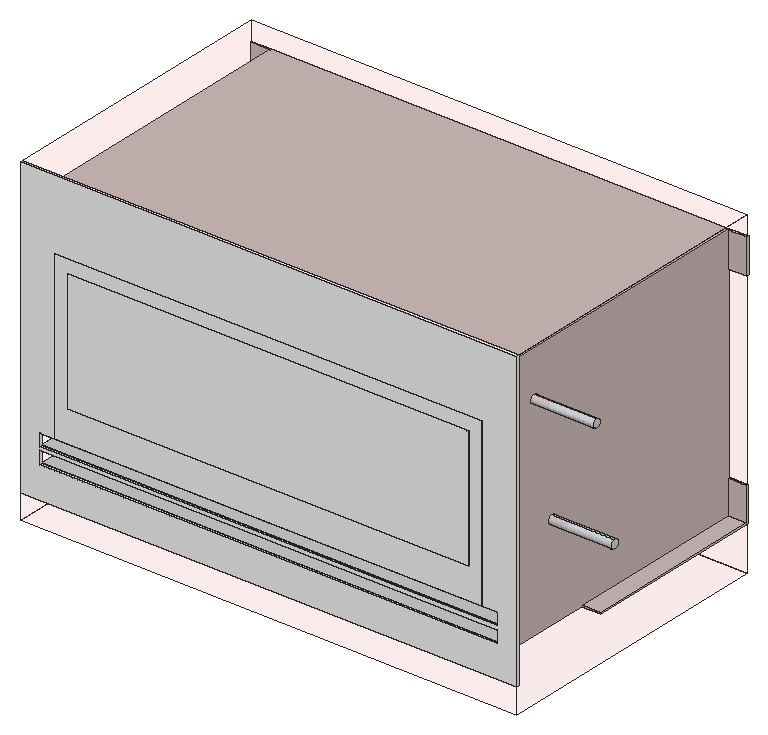
Revit family "Air-Curtain_Customer-Entry_PoweredAire_CLD-CHD-HWST", category Mechanical Equipment, host Face, Revit 2016
Family settings
  Host = Face
  Part Type = Normal
  Round Connector Dimension = Use Diameter
  OmniClass Number = 23.75.35.17.21
  OmniClass Title = Air Curtains
  Cut with Voids When Loaded = No
  Shared = No
  Room Calculation Point = No
Parameters
  upperpiperotation [instance] = if(Upper Pipe Connection Side A, 0.00°, 180.00°)  # 0.00°
  lowerpiperotation [instance] = if(Lower Pipe Connection Side A, 0.00°, 180.00°)  # 0.00°
  locateupperpipe [instance] = if(Upper Pipe Connection Side A, 0' 0", Nozzle Width)  # 0' - 0"
  locatelowerpipe [instance] = if(Lower Pipe Connection Side A, 0' 0", Nozzle Width)  # 0' - 0"
  Warranty Duration (Years) = 0
  Upper Pipe Connection Side A [instance] = yes
  Unit Width Notes = "Other Widths available."  # constant formula
  Unit Width = 3' - 3"
  Unit Weight = 0
  Unit Height = 1' - 10 3/4"
  Unit Depth = 1' - 11 1/4"
  URL = "http://www.poweredaire.com/"
  Test Data = ""
  Standards Conformance = "as Specified"
  Specification = "http://www.arcat.com/sdspecs/htm04/23_34_33pai.htm"
  SpecWizard = ""
  Sound Pressure = "as Specified"
  Sales Information = "http://www.poweredaire.com/contact_us"
  Revision = "R1_2016-08"
  Projection from Host [instance] = 0' - 2"
  Product Properties = ""
  Product Data = "http://www.arcat.com/arcatcos/cos47/arc47623.html"
  Power Rating = 0 W
  Piping_Water Flow [instance] = 0 GPM
  Piping_Operating Pressure [instance] = 0.00 psi
  Piping_Exit Temperature [instance] = 0 °F
  Piping_Entry Temperature [instance] = 0 °F
  Pipe OD [instance] = 5/8"
  Nozzle Width = if(1 = 1, Unit Width - 0' 3", 0' 0")  # 3' - 0"
  Mounting Width = if(1 = 1, Unit Width - 0' 1 1/2", 0' 0")  # 3' - 1 1/2"
  Mounting Height [instance] = 3' - 6"
  Motor RPM = 0
  Motor HP = 0
  Motor Count = 0
  Model = "As Specified"
  Max Height = 0' - 0"
  Manufacturer Website = "http://www.poweredaire.com/"
  Manufacturer Phone - Toll Free = "888-321-2473"
  Manufacturer Phone = "724-588-3305"
  Manufacturer Fax = "724-588-3371"
  Manufacturer Address = "109 Mortensen Rd.  Greenville, PA 16125"
  Manufacturer = "Powered Aire, Inc"
  Maintenance Schedule (Months) = 0
  Lower Pipe Connection Side A [instance] = yes
  Keynote = "23 34 33"
  Installation-Fabrication = ""
  Installation Phase = ""
  Include Clearance [instance] = yes
  Heating Element Load = 0 W
  HVAC_Temperature Rise = 0 °F
  HVAC_Outlet Volume = 0 CFM
  HVAC_Outlet Velocity Uniformity = 0
  HVAC_Outlet Velocity = 0 FPM
  HVAC_BTU Input = 0.0 Btu/h
  Green Building-LEED = "http://www.arcat.com/green/clients/leed_data_47623.html"
  Front Grating Material [instance] = Metal - Steel - PoweredAire - White Perforated
  Frame Finish [instance] = Metal - Steel - PoweredAire - Stainless 304
  Expected Lifespan (Years) = 0
  Electrical_Wattage [instance] = Power Rating + Heating Element Load  # 0 W
  Electrical_Voltage [instance] = 0 V
  Electrical_Phase [instance] = 1
  Electrical_Frequency [instance] = 0 Hz
  Electrical_Amperage [instance] = 0 A
  Drawn By = "Sumex Design, Inc. / Robert S. Weygant, CSI, CDT, SCIP"
  Description = "Powered Aire Air Curtain as Specified"
  Default Elevation = 0' - 0"  # constant formula
  Cover Finish [instance] = Metal - Steel - PoweredAire - White
  Copyright = "©Arcat Inc."
  Construction Details = "http://www.arcat.com/details/powair/prod3336.html"
  Clearance_Top [instance] = 0' - 0"
  Clearance_Side B [instance] = 0' - 0"
  Clearance_Side A [instance] = 0' - 0"
  Clearance_Intake [instance] = 0' - 0"
  Clearance_Front [instance] = 0' - 0"
  Clearance Material [instance] = ARCAT Clearance
  Building Codes = ""
  Available Options [instance] = "as Specified"
  Assembly Code = "D3090400"
Reference planes (in)
  plane 1 "Center (Elevation)": y = 11.51318
  plane 2: z = 0
  plane 3 "Center (Left/Right)": x = 0
  plane 4: y = 22.88818
  plane 5: y = 0.13818
  plane 6: x = -19.5
  plane 7: x = 19.5
  plane 8: z = 25.25
  plane 9 "FF": y = -41.86182
  plane 10: z = 2
  plane 11: x = 18
  plane 12: x = -18
  plane 13: y = 22.88818
  plane 14: y = 0.13818
  plane 15: x = -19.5
  plane 16: x = 19.5
  plane 17: z = 25.25
  plane 18: y = 0.38818
  plane 19: x = 18
  plane 20: x = 18
  plane 21: z = 20.25
  plane 22: z = 11
Forms (in)
  Extrusion 1, solid, material "ARCAT Clearance" <- "Clearance Material", visible <- "Include Clearance"
    sketch origin (0, 0, 0) x (0, 1, 0) y (0, 0, 1)
      loop
        line (0.13818, 25.25) -> (0.13818, 0) -> (22.88818, 0) -> (22.88818, 25.25) -> (0.13818, 25.25)
    from -19.5 to 19.5
  Extrusion 2, solid, material "Metal - Steel - PoweredAire - White" <- "Cover Finish"
    sketch origin (0, 11.51318, 0) x (1, 0, 0) y (0, 0, 1)
      loop
        line (-19.5, 25.25) -> (-19.5, 2) -> (19.5, 2) -> (19.5, 25.25) -> (-19.5, 25.25)
    from 11.125 to 11.375
  Extrusion 3, solid, material "Metal - Steel - PoweredAire - Stainless 304" <- "Frame Finish"
    sketch origin (0, 11.51318, 0) x (1, 0, 0) y (0, 0, 1)
      loop
        line (18, 23.75) -> (-18, 23.75) -> (-18, 3.5) -> (18, 3.5) -> (18, 23.75)
    from -11.375 to 11.125
  Extrusion 4, void
    sketch origin (0, 0, 0) x (0, 1, 0) y (0, 0, 1)
      loop
        line (0.13818, 5.5) -> (0.13818, 4.5) -> (1.88818, 4.5) -> (1.88818, 6.75) -> (0.13818, 6.75) -> (0.13818, 5.75) -> (1.63818, 5.75) -> (1.63818, 5.5) -> (0.13818, 5.5)
    from -18 to 18
  Extrusion 5, solid, material "Metal - Steel - PoweredAire - White" <- "Cover Finish"
    sketch origin (-11.83813, 0.13818, 48) x (-1, 0, 0) y (0, 0, 1)
      loop
        line (4.91187, -41.25) -> (4.91187, -28.25) -> (-28.58813, -28.25) -> (-28.58813, -41.25) -> (4.91187, -41.25)
    from 0 to -0.03125
  Extrusion 6, solid, material "Metal - Steel - PoweredAire - White Perforated" <- "Front Grating Material"
    sketch origin (-11.83813, 0.10693, 48) x (1, 0, 0) y (0, 0, 1)
      loop
        line (-3.91187, -29.25) -> (-3.91187, -38.75) -> (27.58813, -38.75) -> (27.58813, -29.25) -> (-3.91187, -29.25)
    from 0 to 0.03125
  Extrusion 7, solid, material "Metal - Steel - PoweredAire - Stainless 304" <- "Frame Finish"
    sketch origin (-15.17702, -180, 2) x (-1, 0, 0) y (0, -1, 0)
      loop
        line (-33.17702, -202.88818) -> (-33.17702, -188.38818) -> (-34.67702, -188.38818) -> (-34.67702, -202.88818) -> (-33.17702, -202.88818)
      loop
        line (2.82298, -202.88818) -> (4.32298, -202.88818) -> (4.32298, -188.38818) -> (2.82298, -188.38818) -> (2.82298, -202.88818)
    from 1.5 to 1.625
  Extrusion 8, solid, material "Metal - Steel - PoweredAire - Stainless 304" <- "Frame Finish"
    sketch origin (-11.83813, 22.88818, 48) x (-1, 0, 0) y (0, 0, 1)
      loop
        line (7.66187, -44.5) -> (7.66187, -41.75) -> (6.16187, -41.75) -> (6.16187, -44.5) -> (7.66187, -44.5)
      loop
        line (-31.33813, -44.5) -> (-29.83813, -44.5) -> (-29.83813, -41.75) -> (-31.33813, -41.75) -> (-31.33813, -44.5)
      loop
        line (7.66187, -27) -> (7.66187, -24.25) -> (6.16187, -24.25) -> (6.16187, -27) -> (7.66187, -27)
      loop
        line (-31.33813, -27) -> (-29.83813, -27) -> (-29.83813, -24.25) -> (-31.33813, -24.25) -> (-31.33813, -27)
    from 0 to -0.125
  Sweep 9, solid
    path origin (18, 11.51318, 20.25) x (1, 0, 0) y (0, 0, 1)
      loop
        line (0, 0) -> (5, 0)
    profile origin (20.5, 11.51318, 20.25) x (0, 0, 1) y (0, -1, 0)
      loop
        circle (0, 7.875) r 0.3125
  Sweep 10, solid
    path origin (18, 11.51318, 11) x (1, 0, 0) y (0, 0, 1)
      loop
        line (0, 0) -> (5, 0)
    profile origin (20.5, 11.51318, 11) x (0, 0, 1) y (0, -1, 0)
      loop
        circle (0, 6.125) r 0.3125
Cuts and joins
  Extrusion 4 cuts Extrusion 1
  Extrusion 4 cuts Extrusion 2
  Extrusion 4 cuts Extrusion 3
Lines and regions (in)
  reference lines
    curve 1: line (18, 11.51318, 20.25) -> (25.75, 11.51318, 20.25)
    curve 2: line (18, 11.51318, 11) -> (26.25, 11.51318, 11)
Dimensions and locks (in)
  equal spacing: plane 4, plane 1 "Center (Elevation)", plane 5
  "Unit Height": plane 4 to plane 5
  equal spacing: plane 6, plane 3 "Center (Left/Right)", plane 7
  "Unit Width": plane 6 to plane 7
  "Mounting Height": plane 5 to plane 9 "FF"
  "Projection from Host": plane 10 to level
  "Unit Depth": plane 8 to plane 10
  locked: plane 6 to plane 12 at 1.5
  locked: plane 11 to plane 7 at 1.5
  "Clearance_Side A": plane 7 to plane 16
  "Clearance_Side B": plane 15 to plane 6
  "Clearance_Top": plane 13 to plane 4
  "Clearance_Intake": plane 5 to plane 14
  "Clearance_Front": plane 17 to plane 8
  locked: plane 8 to Extrusion 3 sketch curve at 1.5
  locked: Extrusion 3 sketch curve to plane 10 at 1.5
  locked: plane 7 to Extrusion 3 sketch curve at 1.5
  locked: Extrusion 3 sketch curve to plane 6 at 1.5
  locked: plane 18 to plane 5 at 0.25
  Extrusion 4 sketch curve to Extrusion 4 sketch curve to Extrusion 4 sketch curve to Extrusion 4 sketch curve to plane 10 = 0' - 1" locked, 0' - 0 1/4" locked, 0' - 1" locked, 0' - 2 1/2" locked
  Extrusion 5 sketch curve to Extrusion 5 sketch curve to plane 10 = 1' - 1" locked, 0' - 4 3/4" locked
  locked: plane 11 to Extrusion 5 sketch curve at 1.25
  locked: Extrusion 5 sketch curve to plane 12 at 1.25
  Extrusion 6 sketch curve to Extrusion 6 sketch curve to plane 10 = 0' - 9 1/2" locked, 0' - 7 1/4" locked
  locked: Extrusion 6 sketch curve to plane 12 at 2.25
  locked: plane 11 to Extrusion 6 sketch curve at 2.25
  locked: plane 4 to Extrusion 7 sketch curve at 14.5  (x2)
  Extrusion 8 sketch curve to Extrusion 8 sketch curve to Extrusion 8 sketch curve to Extrusion 8 sketch curve to plane 10 = 0' - 2 3/4" locked, 1' - 2 3/4" locked, 0' - 2 3/4" locked, 0' - 1 1/2" locked  (x2)
  "locatelowerpipe": plane 19 to plane 11
  "locateupperpipe": plane 20 to plane 11
  locked: plane 8 to plane 21 at 5
  locked: plane 22 to plane 10 at 9
  locked: curve 1 to Sweep 9 sketch curve at 5
  locked: curve 1 to Sweep 9 sketch curve
  locked: curve 2 to Sweep 10 sketch curve at 5
  locked: curve 2 to Sweep 10 sketch curve
  locked: plane 5 to Sweep 9 sketch curve at 3.5
  locked: plane 5 to Sweep 10 sketch curve at 5.25
  "lowerpiperotation": angle plane 21 to curve 1
  "upperpiperotation": angle plane 22 to curve 2
  aligned and locked: plane 2 to host face
  aligned and locked: level to host face
  aligned and locked: Extrusion 1 sketch curve to plane 17
  aligned and locked: plane 14 to Extrusion 1 sketch curve
  aligned and locked: level to Extrusion 1 sketch curve
  aligned and locked: Extrusion 1 sketch curve to plane 13
  aligned and locked: plane 16 to Extrusion 1
  aligned and locked: Extrusion 1 to plane 15
  aligned and locked: Extrusion 2 sketch curve to plane 8
  aligned and locked: plane 6 to Extrusion 2 sketch curve
  aligned and locked: Extrusion 2 sketch curve to plane 10
  aligned and locked: Extrusion 2 sketch curve to plane 7
  aligned and locked: Extrusion 3 to plane 4
  aligned and locked: Extrusion 3 to plane 18
  aligned and locked: Extrusion 2 to plane 18
  aligned and locked: Extrusion 2 to plane 5
  aligned and locked: plane 11 to Extrusion 4
  aligned and locked: Extrusion 4 to plane 12
  aligned and locked: Extrusion 7 sketch curve to plane 4  (x2)
  aligned and locked: plane 20 to curve 2
  aligned and locked: plane 22 to curve 2
  aligned and locked: plane 19 to curve 1
  aligned and locked: plane 21 to curve 1
Automatic sketch dimensions
  host sketch curve to host sketch curve = 8' - 0"  (x2)
  Extrusion 4 sketch curve to plane 5 = 0' - 0"  (x2)
  plane 18 to Extrusion 4 sketch curve = 0' - 1 1/4"
  Extrusion 4 sketch curve to Extrusion 4 sketch curve = 0' - 0 1/4"
  Extrusion 7 sketch curve to plane 7 = 0' - 0"
  Extrusion 7 sketch curve to plane 11 = 0' - 0"
  Extrusion 7 sketch curve to plane 12 = 0' - 0"
  Extrusion 7 sketch curve to plane 6 = 0' - 0"
  Extrusion 8 sketch curve to plane 7 = 0' - 0"  (x2)
  Extrusion 8 sketch curve to plane 11 = 0' - 0"  (x2)
  Extrusion 8 sketch curve to plane 12 = 0' - 0"  (x2)
  Extrusion 8 sketch curve to plane 6 = 0' - 0"  (x2)
  profile plane to Sweep 9 sketch curve = 0' - 0"
  profile plane to Sweep 10 sketch curve = 0' - 0"
  radius of Sweep 9 sketch curve = 0' - 0 5/16"
  radius of Sweep 10 sketch curve = 0' - 0 5/16"
Connectors (in)
  electrical at (-18, 6.38818, 9.625), driven by "Electrical_Voltage", driven by "Electrical_Phase"
    settings: on cut or joined group of Extrusion 3, Extrusion 4, index 1, voltage 0 V, apparent load 0 VA, apparent load phase1 0 VA, apparent load phase2 0 VA, apparent load phase3 0 VA, power factor 1, load classification "Other", number of poles 1, system type 31, power factor state 1, is connector primary yes, connector utility no, sub classification motor no, connector description ""
  piping at (23, 3.63818, 20.25), diameter 0.625, driven by "Pipe OD"
    settings: on Sweep 9, index 2, connector inside diameter 24", connector length 0' - 0", flow factor 0, pipe flow 0 GPM, pressure drop 0.00 psi, fitting loss kfactor 0, connector angle 0.00°, fixture units 0, engagement length 0' - 0", angle of deflection 0.00°, flow configuration 0, flow direction 0, fitting loss method 0, system type 29, joint type 0, gender type 0, connector reference index -1, connector utility 0, adjustable connector no, is connector primary no, connector description "Define Supply or Return and Location"
  piping at (23, 5.38818, 11), diameter 0.625, driven by "Pipe OD"
    settings: on Sweep 10, index 3, connector inside diameter 24", connector length 0' - 0", flow factor 0, pipe flow 0 GPM, pressure drop 0.00 psi, fitting loss kfactor 0, connector angle 0.00°, fixture units 0, engagement length 0' - 0", angle of deflection 0.00°, flow configuration 0, flow direction 0, fitting loss method 0, system type 29, joint type 0, gender type 0, connector reference index -1, connector utility 0, adjustable connector no, is connector primary yes, connector description "Define Supply or Return and Location"
